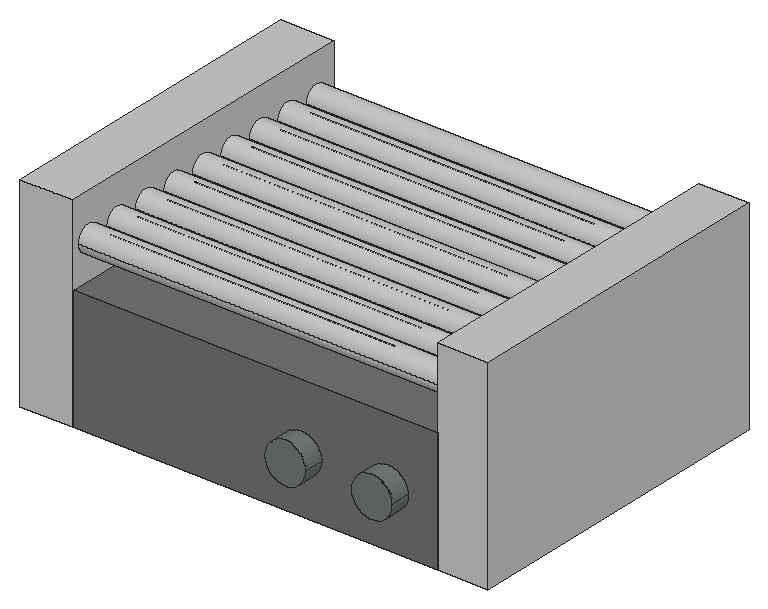
Revit family "QF_Vollrath_40822", category Specialty Equipment, Revit 2016
Family settings
  Part Type = Normal
  Round Connector Dimension = Use Diameter
  OmniClass Number = 23.40.40.14.17.21
  OmniClass Title = Grills
  Work Plane-Based = No
  Always vertical = Yes
  Cut with Voids When Loaded = No
  Shared = No
  Room Calculation Point = No
Parameters (values of type "HDR5009")
  Width = 15.80078"
  Weight in Pounds = 39
  Watts = 9500 W
  Watermarked By = "http://revitwatermark.com"
  Volts = 110 V
  URL Cutsheet = ""
  URL = "www.vollrathco.com"
  Status [instance] = ""
  Specification by User [instance] = ""
  Specification by Manufacturer = ""
  Serial Number [instance] = ""
  Seismic Rating [instance] = ""
  SMACNA No [instance] = ""
  Revision Code [instance] = ""
  Phase = 1
  Number of Poles [instance] = 1
  NAFEM Spec ID Number [instance] = ""
  Model = "HDR5009"
  Masterspec = ""
  Manufacturer = "Vollrath"
  Item Number [instance] = ""
  Installed By [instance] = ""
  Height AFF [instance] = 36.00"
  Furnished By [instance] = ""
  Foodservice Equipment Identifier [instance] = yes
  FL Amps = 12 A
  Electrical Remarks [instance] = ""
  Electric Connection Type [instance] = ""
  Elec Conn RI Height [instance] = 0.00"
  Elec Conn Connection Height = 2.00"
  Description = "9 Hot Dog Roller Grill"
  Cycle = 60 Hz
  Conn Plug = "NEMA 5-15P"
  CSI MasterFormat = "11 42 13"
  Assembly Code = "E1090320"
  Apparent Power = if(Phase = 3, Volts * FL Amps * 1.73, Volts * FL Amps)  # 1320 VA
Reference planes (in)
  plane 1: z = 0
  plane 2 "LEFT": x = 48
  plane 3 "BACK": y = -48
  plane 4 "BOTTOM": z = 36
  plane 5 "RIGHT": x = 71
  plane 6 "FRONT": y = -64
  plane 7: z = 26.5796
  plane 8 "TOP": z = 46
  plane 9: x = 50.59367
  plane 10: x = 68.54957
  plane 11: z = 42.0353
  plane 12: z = 28.25
Forms (in)
  Extrusion 1, solid, material "QF_Finishes_Stainless Steel", not visible
    sketch origin (0, -75.61667, 13.94238) x (-1, 0, 0) y (0, 0.422618, 0.906308)
      loop
        line (-61.50401, 16.83949) -> (-49.55058, 16.83949) -> (-49.55058, 21.54291) -> (-61.50401, 21.54291) -> (-61.50401, 16.83949)
      loop
        circle (-51.11798, 19.07879) r 1.25
      loop
        circle (-51.11798, 19.07879) r 1
      loop
        line (-54.03077, 21.06689) -> (-57.03077, 21.06689) -> (-57.03077, 20.31689) -> (-54.03077, 20.31689) -> (-54.03077, 21.06689)
      loop
        circle (-54.03077, 17.5068) r 0.25
      loop
        circle (-56.78077, 17.5068) r 0.25
    from 0 to 0.68909
  Extrusion 2, solid, material "QF_Finishes_Black", not visible
    sketch origin (0, -75.54289, 2.05167) x (-1, 0, 0) y (0, 0.422618, 0.906308)
      loop
        circle (-51.11798, 29.82425) r 1.25
      loop
        circle (-51.11798, 29.82425) r 1
    from -5.0921 to -4.40301
  Extrusion 3, solid, material "QF_Finishes_Black", not visible
    sketch origin (0, -75.78725, 14.03463) x (-1, 0, 0) y (0, 0.406737, 0.913545)
      loop
        line (-57.03077, 21.03676) -> (-57.03077, 20.35703) -> (-54.03077, 20.35703) -> (-54.03077, 21.03676) -> (-57.03077, 21.03676)
      loop
        circle (-54.03077, 17.5068) r 0.25
      loop
        circle (-56.78077, 17.5068) r 0.25
    from 0.54411 to 1.25
  Extrusion 4, solid, material "QF_Finishes_Dark Grey", not visible
    sketch origin (0, -70.09177, 5.66795) x (-1, 0, 0) y (0, 0.422618, 0.906308)
      loop
        circle (-52.11896, 26.29929) r 0.25
      loop
        circle (-53.36896, 26.29929) r 0.25
      loop
        circle (-54.61896, 26.29929) r 0.25
      loop
        circle (-55.86896, 26.29929) r 0.25
      loop
        circle (-57.11896, 26.29929) r 0.25
      loop
        circle (-58.36896, 26.29929) r 0.25
    from 7.45399 to 7.92109
  Extrusion 5, solid, material "QF_Finishes_Stainless Steel", not visible
    sketch origin (0, -61.5, 0) x (-1, 0, 0) y (0, 0, 1)
      loop
        circle (-49.14244, 32.63817) r 0.1236
    from 0 to 12
  Extrusion 6, solid, material "QF_Finishes_Stainless Steel", not visible
    sketch origin (24.25, -61.5, 0) x (-1, 0, 0) y (0, 0, 1)
      loop
        circle (-49.14244, 32.63817) r 0.1236
    from 0 to 12
  Extrusion 7, solid, material "QF_Finishes_Stainless Steel", not visible
    sketch origin (0.75781, -61.5, 0) x (-1, 0, 0) y (0, 0, 1)
      loop
        circle (-49.14244, 32.63817) r 0.1236
    from 0 to 12
  Extrusion 8, solid, material "QF_Finishes_Stainless Steel", not visible
    sketch origin (1.51562, -61.5, 0) x (-1, 0, 0) y (0, 0, 1)
      loop
        circle (-49.14244, 32.63817) r 0.1236
    from 0 to 12
  Extrusion 9, solid, material "QF_Finishes_Stainless Steel", not visible
    sketch origin (2.27344, -61.5, 0) x (-1, 0, 0) y (0, 0, 1)
      loop
        circle (-49.14244, 32.63817) r 0.1236
    from 0 to 12
  Extrusion 10, solid, material "QF_Finishes_Stainless Steel", not visible
    sketch origin (3.03125, -61.5, 0) x (-1, 0, 0) y (0, 0, 1)
      loop
        circle (-49.14244, 32.63817) r 0.1236
    from 0 to 12
  Extrusion 11, solid, material "QF_Finishes_Stainless Steel", not visible
    sketch origin (3.78906, -61.5, 0) x (-1, 0, 0) y (0, 0, 1)
      loop
        circle (-49.14244, 32.63817) r 0.1236
    from 0 to 12
  Extrusion 12, solid, material "QF_Finishes_Stainless Steel", not visible
    sketch origin (4.54687, -61.5, 0) x (-1, 0, 0) y (0, 0, 1)
      loop
        circle (-49.14244, 32.63817) r 0.1236
    from 0 to 12
  Extrusion 13, solid, material "QF_Finishes_Stainless Steel", not visible
    sketch origin (5.30469, -61.5, 0) x (-1, 0, 0) y (0, 0, 1)
      loop
        circle (-49.14244, 32.63817) r 0.1236
    from 0 to 12
  Extrusion 14, solid, material "QF_Finishes_Stainless Steel", not visible
    sketch origin (6.0625, -61.5, 0) x (-1, 0, 0) y (0, 0, 1)
      loop
        circle (-49.14244, 32.63817) r 0.1236
    from 0 to 12
  Extrusion 15, solid, material "QF_Finishes_Stainless Steel", not visible
    sketch origin (6.82031, -61.5, 0) x (-1, 0, 0) y (0, 0, 1)
      loop
        circle (-49.14244, 32.63817) r 0.1236
    from 0 to 12
  Extrusion 16, solid, material "QF_Finishes_Stainless Steel", not visible
    sketch origin (7.57812, -61.5, 0) x (-1, 0, 0) y (0, 0, 1)
      loop
        circle (-49.14244, 32.63817) r 0.1236
    from 0 to 12
  Extrusion 17, solid, material "QF_Finishes_Stainless Steel", not visible
    sketch origin (8.33594, -61.5, 0) x (-1, 0, 0) y (0, 0, 1)
      loop
        circle (-49.14244, 32.63817) r 0.1236
    from 0 to 12
  Extrusion 18, solid, material "QF_Finishes_Stainless Steel", not visible
    sketch origin (9.09375, -61.5, 0) x (-1, 0, 0) y (0, 0, 1)
      loop
        circle (-49.14244, 32.63817) r 0.1236
    from 0 to 12
  Extrusion 19, solid, material "QF_Finishes_Stainless Steel", not visible
    sketch origin (9.85156, -61.5, 0) x (-1, 0, 0) y (0, 0, 1)
      loop
        circle (-49.14244, 32.63817) r 0.1236
    from 0 to 12
  Extrusion 20, solid, material "QF_Finishes_Stainless Steel", not visible
    sketch origin (10.60937, -61.5, 0) x (-1, 0, 0) y (0, 0, 1)
      loop
        circle (-49.14244, 32.63817) r 0.1236
    from 0 to 12
  Extrusion 21, solid, material "QF_Finishes_Stainless Steel", not visible
    sketch origin (11.36719, -61.5, 0) x (-1, 0, 0) y (0, 0, 1)
      loop
        circle (-49.14244, 32.63817) r 0.1236
    from 0 to 12
  Extrusion 22, solid, material "QF_Finishes_Stainless Steel", not visible
    sketch origin (12.125, -61.5, 0) x (-1, 0, 0) y (0, 0, 1)
      loop
        circle (-49.14244, 32.63817) r 0.1236
    from 0 to 12
  Extrusion 23, solid, material "QF_Finishes_Stainless Steel", not visible
    sketch origin (12.88281, -61.5, 0) x (-1, 0, 0) y (0, 0, 1)
      loop
        circle (-49.14244, 32.63817) r 0.1236
    from 0 to 12
  Extrusion 24, solid, material "QF_Finishes_Stainless Steel", not visible
    sketch origin (13.64062, -61.5, 0) x (-1, 0, 0) y (0, 0, 1)
      loop
        circle (-49.14244, 32.63817) r 0.1236
    from 0 to 12
  Extrusion 25, solid, material "QF_Finishes_Stainless Steel", not visible
    sketch origin (14.39844, -61.5, 0) x (-1, 0, 0) y (0, 0, 1)
      loop
        circle (-49.14244, 32.63817) r 0.1236
    from 0 to 12
  Extrusion 26, solid, material "QF_Finishes_Stainless Steel", not visible
    sketch origin (15.15625, -61.5, 0) x (-1, 0, 0) y (0, 0, 1)
      loop
        circle (-49.14244, 32.63817) r 0.1236
    from 0 to 12
  Extrusion 27, solid, material "QF_Finishes_Stainless Steel", not visible
    sketch origin (15.91406, -61.5, 0) x (-1, 0, 0) y (0, 0, 1)
      loop
        circle (-49.14244, 32.63817) r 0.1236
    from 0 to 12
  Extrusion 28, solid, material "QF_Finishes_Stainless Steel", not visible
    sketch origin (16.67187, -61.5, 0) x (-1, 0, 0) y (0, 0, 1)
      loop
        circle (-49.14244, 32.63817) r 0.1236
    from 0 to 12
  Extrusion 29, solid, material "QF_Finishes_Stainless Steel", not visible
    sketch origin (17.42969, -61.5, 0) x (-1, 0, 0) y (0, 0, 1)
      loop
        circle (-49.14244, 32.63817) r 0.1236
    from 0 to 12
  Extrusion 30, solid, material "QF_Finishes_Stainless Steel", not visible
    sketch origin (18.1875, -61.5, 0) x (-1, 0, 0) y (0, 0, 1)
      loop
        circle (-49.14244, 32.63817) r 0.1236
    from 0 to 12
  Extrusion 31, solid, material "QF_Finishes_Stainless Steel", not visible
    sketch origin (18.94531, -61.5, 0) x (-1, 0, 0) y (0, 0, 1)
      loop
        circle (-49.14244, 32.63817) r 0.1236
    from 0 to 12
  Extrusion 32, solid, material "QF_Finishes_Stainless Steel", not visible
    sketch origin (19.70312, -61.5, 0) x (-1, 0, 0) y (0, 0, 1)
      loop
        circle (-49.14244, 32.63817) r 0.1236
    from 0 to 12
  Extrusion 33, solid, material "QF_Finishes_Stainless Steel", not visible
    sketch origin (20.46094, -61.5, 0) x (-1, 0, 0) y (0, 0, 1)
      loop
        circle (-49.14244, 32.63817) r 0.1236
    from 0 to 12
  Extrusion 34, solid, material "QF_Finishes_Stainless Steel", not visible
    sketch origin (21.21875, -61.5, 0) x (-1, 0, 0) y (0, 0, 1)
      loop
        circle (-49.14244, 32.63817) r 0.1236
    from 0 to 12
  Extrusion 35, solid, material "QF_Finishes_Stainless Steel", not visible
    sketch origin (21.97656, -61.5, 0) x (-1, 0, 0) y (0, 0, 1)
      loop
        circle (-49.14244, 32.63817) r 0.1236
    from 0 to 12
  Extrusion 36, solid, material "QF_Finishes_Stainless Steel", not visible
    sketch origin (22.73437, -61.5, 0) x (-1, 0, 0) y (0, 0, 1)
      loop
        circle (-49.14244, 32.63817) r 0.1236
    from 0 to 12
  Extrusion 37, solid, material "QF_Finishes_Stainless Steel", not visible
    sketch origin (23.49219, -61.5, 0) x (-1, 0, 0) y (0, 0, 1)
      loop
        circle (-49.14244, 32.63817) r 0.1236
    from 0 to 12
  Extrusion 38, void, not visible
    sketch origin (0, -48, 0) x (1, 0, 0) y (0, 0, 1)
      loop
        line (48.98039, 38.95479) -> (48.98039, 37.45479) -> (49.23039, 37.45479) -> (49.23039, 38.95479) -> (48.98039, 38.95479)
      loop
        line (49.48039, 38.95479) -> (49.48039, 37.45479) -> (49.73039, 37.45479) -> (49.73039, 38.95479) -> (49.48039, 38.95479)
      loop
        line (49.98039, 38.95479) -> (49.98039, 37.45479) -> (50.23039, 37.45479) -> (50.23039, 38.95479) -> (49.98039, 38.95479)
      loop
        line (50.48039, 38.95479) -> (50.48039, 37.45479) -> (50.73039, 37.45479) -> (50.73039, 38.95479) -> (50.48039, 38.95479)
      loop
        line (50.98039, 38.95479) -> (50.98039, 37.45479) -> (51.23039, 37.45479) -> (51.23039, 38.95479) -> (50.98039, 38.95479)
      loop
        line (51.48039, 38.95479) -> (51.48039, 37.45479) -> (51.73039, 37.45479) -> (51.73039, 38.95479) -> (51.48039, 38.95479)
      loop
        line (51.98039, 38.95479) -> (51.98039, 37.45479) -> (52.23039, 37.45479) -> (52.23039, 38.95479) -> (51.98039, 38.95479)
      loop
        line (52.48039, 38.95479) -> (52.48039, 37.45479) -> (52.73039, 37.45479) -> (52.73039, 38.95479) -> (52.48039, 38.95479)
      loop
        line (52.98039, 38.95479) -> (52.98039, 37.45479) -> (53.23039, 37.45479) -> (53.23039, 38.95479) -> (52.98039, 38.95479)
      loop
        line (53.48039, 38.95479) -> (53.48039, 37.45479) -> (53.73039, 37.45479) -> (53.73039, 38.95479) -> (53.48039, 38.95479)
      loop
        line (53.98039, 38.95479) -> (53.98039, 37.45479) -> (54.23039, 37.45479) -> (54.23039, 38.95479) -> (53.98039, 38.95479)
      loop
        line (54.48039, 38.95479) -> (54.48039, 37.45479) -> (54.73039, 37.45479) -> (54.73039, 38.95479) -> (54.48039, 38.95479)
      loop
        line (54.98039, 38.95479) -> (54.98039, 37.45479) -> (55.23039, 37.45479) -> (55.23039, 38.95479) -> (54.98039, 38.95479)
      loop
        line (55.48039, 38.95479) -> (55.48039, 37.45479) -> (55.73039, 37.45479) -> (55.73039, 38.95479) -> (55.48039, 38.95479)
      loop
        line (55.98039, 38.95479) -> (55.98039, 37.45479) -> (56.23039, 37.45479) -> (56.23039, 38.95479) -> (55.98039, 38.95479)
      loop
        line (65.98039, 38.95479) -> (65.98039, 37.45479) -> (66.23039, 37.45479) -> (66.23039, 38.95479) -> (65.98039, 38.95479)
      loop
        line (66.48039, 38.95479) -> (66.48039, 37.45479) -> (66.73039, 37.45479) -> (66.73039, 38.95479) -> (66.48039, 38.95479)
      loop
        line (66.98039, 38.95479) -> (66.98039, 37.45479) -> (67.23039, 37.45479) -> (67.23039, 38.95479) -> (66.98039, 38.95479)
      loop
        line (67.48039, 38.95479) -> (67.48039, 37.45479) -> (67.73039, 37.45479) -> (67.73039, 38.95479) -> (67.48039, 38.95479)
      loop
        line (67.98039, 38.95479) -> (67.98039, 37.45479) -> (68.23039, 37.45479) -> (68.23039, 38.95479) -> (67.98039, 38.95479)
      loop
        line (68.48039, 38.95479) -> (68.48039, 37.45479) -> (68.73039, 37.45479) -> (68.73039, 38.95479) -> (68.48039, 38.95479)
      loop
        line (68.98039, 38.95479) -> (68.98039, 37.45479) -> (69.23039, 37.45479) -> (69.23039, 38.95479) -> (68.98039, 38.95479)
      loop
        line (69.48039, 38.95479) -> (69.48039, 37.45479) -> (69.73039, 37.45479) -> (69.73039, 38.95479) -> (69.48039, 38.95479)
      loop
        line (69.98039, 38.95479) -> (69.98039, 37.45479) -> (70.23039, 37.45479) -> (70.23039, 38.95479) -> (69.98039, 38.95479)
      loop
        line (70.48039, 38.95479) -> (70.48039, 37.45479) -> (70.73039, 37.45479) -> (70.73039, 38.95479) -> (70.48039, 38.95479)
      loop
        line (70.98039, 38.95479) -> (70.98039, 37.45479) -> (71.23039, 37.45479) -> (71.23039, 38.95479) -> (70.98039, 38.95479)
      loop
        line (71.48039, 38.95479) -> (71.48039, 37.45479) -> (71.73039, 37.45479) -> (71.73039, 38.95479) -> (71.48039, 38.95479)
      loop
        line (71.98039, 38.95479) -> (71.98039, 37.45479) -> (72.23039, 37.45479) -> (72.23039, 38.95479) -> (71.98039, 38.95479)
      loop
        line (72.48039, 38.95479) -> (72.48039, 37.45479) -> (72.73039, 37.45479) -> (72.73039, 38.95479) -> (72.48039, 38.95479)
      loop
        line (72.98039, 38.95479) -> (72.98039, 37.45479) -> (73.23039, 37.45479) -> (73.23039, 38.95479) -> (72.98039, 38.95479)
    from 13.25 to 13.5
  Extrusion 39, solid, material "QF_Finishes_Stainless Steel"
    sketch origin (0, -48, 0) x (1, 0, 0) y (0, 0, 1)
      loop
        line (48, 46) -> (48, 36) -> (50.59367, 36) -> (50.59367, 46) -> (48, 46)
    from 0 to 16
  Extrusion 40, solid, material "QF_Finishes_Stainless Steel"
    sketch origin (20.40633, -48, 0) x (1, 0, 0) y (0, 0, 1)
      loop
        line (48.14323, 46) -> (48.14323, 36) -> (50.59367, 36) -> (50.59367, 46) -> (48.14323, 46)
    from 0 to 16
  Extrusion 41, solid, material "QF_Finishes_Dark Grey"
    sketch origin (0, -48, 0) x (1, 0, 0) y (0, 0, 1)
      loop
        line (50.59367, 42.0353) -> (50.59367, 36) -> (68.54957, 36) -> (68.54957, 42.0353) -> (50.59367, 42.0353)
    from 0 to 16
  Extrusion 42, solid, material "QF_Finishes_Stainless Steel"
    sketch origin (71, 4, 10) x (0, 1, 0) y (0, 0, 1)
      loop
        circle (-60.08911, 33.96491) r 0.625
    from -20.40633 to -2.45043
  Extrusion 43, solid, material "QF_Finishes_Black"
    sketch origin (0, -50.5, 0) x (1, 0, 0) y (0, 0, 1)
      loop
        circle (61.81249, 38.77869) r 1
      loop
        circle (66.06249, 38.77869) r 1
    from 13.5 to 14.46369
  Extrusion 44, solid, material "QF_Finishes_Stainless Steel"
    sketch origin (71, 11, 10) x (0, 1, 0) y (0, 0, 1)
      loop
        circle (-60.08911, 33.96491) r 0.625
    from -20.40633 to -2.45043
  Extrusion 45, solid, material "QF_Finishes_Stainless Steel"
    sketch origin (71, 5.75, 10) x (0, 1, 0) y (0, 0, 1)
      loop
        circle (-60.08911, 33.96491) r 0.625
    from -20.40633 to -2.45043
  Extrusion 46, solid, material "QF_Finishes_Stainless Steel"
    sketch origin (71, 7.5, 10) x (0, 1, 0) y (0, 0, 1)
      loop
        circle (-60.08911, 33.96491) r 0.625
    from -20.40633 to -2.45043
  Extrusion 47, solid, material "QF_Finishes_Stainless Steel"
    sketch origin (71, 9.25, 10) x (0, 1, 0) y (0, 0, 1)
      loop
        circle (-60.08911, 33.96491) r 0.625
    from -20.40633 to -2.45043
  Extrusion 48, solid, material "QF_Finishes_Stainless Steel"
    sketch origin (71, 2.25, 10) x (0, 1, 0) y (0, 0, 1)
      loop
        circle (-60.08911, 33.96491) r 0.625
    from -20.40633 to -2.45043
  Extrusion 49, solid, material "QF_Finishes_Stainless Steel"
    sketch origin (71, 0.5, 10) x (0, 1, 0) y (0, 0, 1)
      loop
        circle (-60.08911, 33.96491) r 0.625
    from -20.40633 to -2.45043
  Extrusion 50, solid, material "QF_Finishes_Stainless Steel"
    sketch origin (71, -1.25, 10) x (0, 1, 0) y (0, 0, 1)
      loop
        circle (-60.08911, 33.96491) r 0.625
    from -20.40633 to -2.45043
  Extrusion 51, solid, material "QF_Finishes_Stainless Steel"
    sketch origin (71, -3, 10) x (0, 1, 0) y (0, 0, 1)
      loop
        circle (-60.08911, 33.96491) r 0.625
    from -20.40633 to -2.45043
  Extrusion 52, solid, material "QF_Finishes_Stainless Steel"
    sketch origin (0, -48, 0) x (1, 0, 0) y (0, 0, 1)
      loop
        circle (68.54957, 38.25) r 0.5
    from 0 to -0.44748
Lines and regions (in)
  symbolic lines
    curve 1: line (48, -48, 0) -> (48, -64, 0)
    curve 2: line (50.59367, -48, 0) -> (48, -48, 0)
    curve 3: line (68.54957, -48, 0) -> (50.59367, -48, 0)
    curve 4: line (71, -48, 0) -> (68.54957, -48, 0)
    curve 5: line (71, -64, 0) -> (71, -48, 0)
    curve 6: line (68.54957, -48, 0) -> (68.54957, -64, 0)
    curve 7: line (68.54957, -64, 0) -> (71, -64, 0)
    curve 8: line (50.59367, -64, 0) -> (68.54957, -64, 0)
    curve 9: line (50.59367, -64, 0) -> (50.59367, -48, 0)
    curve 10: line (48, -64, 0) -> (50.59367, -64, 0)
    curve 11: line (50.59367, -55.96411, 0) -> (68.54957, -55.96411, 0)
    curve 12: line (50.59367, -56.46411, 0) -> (68.54957, -56.46411, 0)
    curve 13: line (50.59367, -57.61541, 0) -> (68.54957, -57.61541, 0)
    curve 14: line (50.59367, -58.21411, 0) -> (68.54957, -58.21411, 0)
    curve 15: line (50.59367, -59.46411, 0) -> (68.54957, -59.46411, 0)
    curve 16: line (50.59367, -59.96411, 0) -> (68.54957, -59.96411, 0)
    curve 17: line (50.59367, -61.13125, 0) -> (68.54957, -61.13125, 0)
    curve 18: line (50.59367, -61.71411, 0) -> (68.54957, -61.71411, 0)
    curve 19: line (50.59367, -62.96411, 0) -> (68.54957, -62.96411, 0)
    curve 20: line (50.59367, -54.46411, 0) -> (68.54957, -54.46411, 0)
    curve 21: line (50.59367, -54.96411, 0) -> (68.54957, -54.96411, 0)
    curve 22: line (50.59367, -53.71411, 0) -> (68.54957, -53.71411, 0)
    curve 23: line (50.59367, -53.21411, 0) -> (68.54957, -53.21411, 0)
    curve 24: line (50.59367, -51.96411, 0) -> (68.54957, -51.96411, 0)
    curve 25: line (50.59367, -51.46411, 0) -> (68.54957, -51.46411, 0)
    curve 26: line (50.59367, -50.21411, 0) -> (68.54957, -50.21411, 0)
    curve 27: line (50.59367, -49.71411, 0) -> (68.54957, -49.71411, 0)
    curve 28: line (50.65909, -48.46582, 0) -> (68.61499, -48.46582, 0)
Dimensions and locks (in)
  "Height AFF": plane 4 "BOTTOM" to level
  plane 6 "FRONT" to plane 3 "BACK" = 16.00"
  plane 2 "LEFT" to plane 5 "RIGHT" = 23.00"
  plane 8 "TOP" to plane 4 "BOTTOM" = 10.00"
  locked: plane 11 to plane 4 "BOTTOM" at 6.0353
  locked: Extrusion 42 to plane 4 "BOTTOM" at 7.96491
  equal spacing: group 5, group 7, group 8, group 9, group 6  (x3)
  locked: Extrusion 45 to plane 4 "BOTTOM" at 7.96491
  locked: Extrusion 46 to plane 4 "BOTTOM" at 7.96491
  locked: Extrusion 48 to plane 4 "BOTTOM" at 7.96491
  Extrusion 49 to plane 4 "BOTTOM" = 7.96491"
  locked: Extrusion 49 to plane 4 "BOTTOM" at 7.96491
  locked: Extrusion 50 to plane 4 "BOTTOM" at 7.96491
  locked: Extrusion 51 to plane 4 "BOTTOM" at 7.96491
  plane 4 "BOTTOM" to Extrusion 52 sketch curve = 2.25"
  aligned and locked: level to plane 1
  aligned and locked: Extrusion 2 sketch curve to Extrusion 1  (x4)
  aligned and locked: Extrusion 39 sketch curve to plane 8 "TOP"
  aligned and locked: plane 2 "LEFT" to Extrusion 39 sketch curve
  aligned and locked: plane 4 "BOTTOM" to Extrusion 39 sketch curve
  aligned and locked: plane 9 to Extrusion 39 sketch curve
  aligned and locked: Extrusion 40 to plane 10
  aligned and locked: plane 8 "TOP" to Extrusion 40
  aligned and locked: plane 5 "RIGHT" to Extrusion 40
  aligned and locked: Extrusion 40 to plane 4 "BOTTOM"
  aligned and locked: Extrusion 41 sketch curve to plane 9
  aligned and locked: Extrusion 41 sketch curve to Extrusion 40
  aligned and locked: Extrusion 40 to Extrusion 41 sketch curve
  aligned and locked: plane 9 to Extrusion 42
  aligned and locked: plane 10 to Extrusion 42
Automatic sketch dimensions
  Extrusion 1 sketch curve to Extrusion 1 sketch curve = 0.00"  (x5)
  Extrusion 1 sketch curve to Extrusion 1 sketch curve = 4.47324"
  Extrusion 1 sketch curve to Extrusion 1 sketch curve = 0.25"
  Extrusion 1 sketch curve to Extrusion 1 sketch curve = 3.00"
  Extrusion 1 sketch curve to Extrusion 1 sketch curve = 2.75"
  Extrusion 1 sketch curve to Extrusion 1 sketch curve = 1.56739"
  Extrusion 1 sketch curve to Extrusion 1 sketch curve = 0.66732"
  Extrusion 1 sketch curve to Extrusion 1 sketch curve = 2.2393"
  Extrusion 1 sketch curve to Extrusion 1 sketch curve = 2.81008"
  Extrusion 1 sketch curve to Extrusion 1 sketch curve = 0.75"
  Extrusion 3 sketch curve to Extrusion 3 sketch curve = 3.00"
  Extrusion 1 sketch curve to Extrusion 1 sketch curve = 2.46412"
  Extrusion 3 sketch curve to Extrusion 3 sketch curve = 0.00"  (x6)
  Extrusion 3 sketch curve to Extrusion 3 sketch curve = 0.25"  (x2)
  Extrusion 3 sketch curve to Extrusion 3 sketch curve = 2.25"
  Extrusion 3 sketch curve to Extrusion 3 sketch curve = 2.85023"
  Extrusion 3 sketch curve to Extrusion 3 sketch curve = 0.67973"
  Extrusion 1 sketch curve to Extrusion 1 sketch curve = 2.9128"
  Extrusion 4 sketch curve to Extrusion 4 sketch curve = 1.25"  (x5)
  Extrusion 4 sketch curve to Extrusion 4 sketch curve = 0.00"  (x5)
  Extrusion 38 sketch curve to Extrusion 38 sketch curve = 0.25"  (x58)
  Extrusion 38 sketch curve to Extrusion 38 sketch curve = 0.00"  (x57)
  Extrusion 38 sketch curve to Extrusion 38 sketch curve = 9.75"
  Extrusion 38 sketch curve to Extrusion 38 sketch curve = 1.50"  (x2)
  curve 1 to plane 2 "LEFT" = 0.00"
  curve 25 to plane 9 = 0.00"
  curve 14 to plane 10 = 0.00"
  curve 5 to plane 5 "RIGHT" = 0.00"
  curve 7 to plane 6 "FRONT" = 0.00"
  plane 3 "BACK" to curve 9 = 0.00"
  curve 28 to plane 9 = 0.06542"
  plane 10 to curve 28 = 0.06542"
  curve 8 to curve 19 = 1.03589"
  curve 19 to curve 18 = 1.25"
  curve 18 to curve 17 = 0.58285"
  curve 17 to curve 16 = 1.16715"
  curve 16 to curve 15 = 0.50"
  curve 15 to curve 14 = 1.25"
  curve 14 to curve 13 = 0.59869"
  curve 13 to curve 12 = 1.15131"
  curve 12 to curve 11 = 0.50"
  curve 11 to curve 21 = 1.00"
  curve 21 to curve 20 = 0.50"
  curve 20 to curve 22 = 0.75"
  curve 22 to curve 23 = 0.50"
  curve 23 to curve 24 = 1.25"
  curve 24 to curve 25 = 0.50"
  curve 25 to curve 26 = 1.25"
  curve 26 to curve 27 = 0.50"
  Extrusion 40 sketch curve to plane 4 "BOTTOM" = 0.00"
  Extrusion 40 sketch curve to plane 10 = 0.00"
  Extrusion 40 sketch curve to plane 5 "RIGHT" = 0.00"
  Extrusion 40 sketch curve to plane 8 "TOP" = 0.00"
  Extrusion 41 sketch curve to plane 11 = 0.00"
  plane 4 "BOTTOM" to Extrusion 43 sketch curve = 2.77869"  (x2)
  Extrusion 43 sketch curve to plane 10 = 6.73708"
  Extrusion 43 sketch curve to plane 10 = 2.48708"
  Extrusion 52 sketch curve to plane 10 = 0.00"
  plane 3 "BACK" to curve 28 = 0.46582"
  radius of Extrusion 1 sketch curve = 1.25"
  radius of Extrusion 1 sketch curve = 1.00"
  radius of Extrusion 1 sketch curve = 0.25"  (x2)
  radius of Extrusion 4 sketch curve = 0.25"  (x6)
  radius of Extrusion 5 sketch curve = 0.1236"
  radius of Extrusion 6 sketch curve = 0.1236"
  radius of Extrusion 7 sketch curve = 0.1236"
  radius of Extrusion 8 sketch curve = 0.1236"
  radius of Extrusion 9 sketch curve = 0.1236"
  radius of Extrusion 10 sketch curve = 0.1236"
  radius of Extrusion 11 sketch curve = 0.1236"
  radius of Extrusion 12 sketch curve = 0.1236"
  radius of Extrusion 13 sketch curve = 0.1236"
  radius of Extrusion 14 sketch curve = 0.1236"
  radius of Extrusion 15 sketch curve = 0.1236"
  radius of Extrusion 16 sketch curve = 0.1236"
  radius of Extrusion 17 sketch curve = 0.1236"
  radius of Extrusion 18 sketch curve = 0.1236"
  radius of Extrusion 19 sketch curve = 0.1236"
  radius of Extrusion 20 sketch curve = 0.1236"
  radius of Extrusion 21 sketch curve = 0.1236"
  radius of Extrusion 22 sketch curve = 0.1236"
  radius of Extrusion 23 sketch curve = 0.1236"
  radius of Extrusion 24 sketch curve = 0.1236"
  radius of Extrusion 25 sketch curve = 0.1236"
  radius of Extrusion 26 sketch curve = 0.1236"
  radius of Extrusion 27 sketch curve = 0.1236"
  radius of Extrusion 28 sketch curve = 0.1236"
  radius of Extrusion 29 sketch curve = 0.1236"
  radius of Extrusion 30 sketch curve = 0.1236"
  radius of Extrusion 31 sketch curve = 0.1236"
  radius of Extrusion 32 sketch curve = 0.1236"
  radius of Extrusion 33 sketch curve = 0.1236"
  radius of Extrusion 34 sketch curve = 0.1236"
  radius of Extrusion 35 sketch curve = 0.1236"
  radius of Extrusion 36 sketch curve = 0.1236"
  radius of Extrusion 37 sketch curve = 0.1236"
  radius of Extrusion 42 sketch curve = 0.625"
  radius of Extrusion 44 sketch curve = 0.625"
  radius of Extrusion 45 sketch curve = 0.625"
  radius of Extrusion 46 sketch curve = 0.625"
  radius of Extrusion 47 sketch curve = 0.625"
  radius of Extrusion 48 sketch curve = 0.625"
  radius of Extrusion 49 sketch curve = 0.625"
  radius of Extrusion 50 sketch curve = 0.625"
  radius of Extrusion 51 sketch curve = 0.625"
  radius of Extrusion 43 sketch curve = 1.00"  (x2)
  radius of Extrusion 52 sketch curve = 0.50"
Connectors (in)
  electrical at (68.54957, -47.55252, 38.25), driven by "Number of Poles", driven by "Volts", driven by "Apparent Power"
    settings: on Extrusion 52, index 1, voltage 110 V, apparent load 1320 VA, apparent load phase1 0 VA, apparent load phase2 0 VA, apparent load phase3 0 VA, power factor 1, load classification "Other", number of poles 1, system type 30, power factor state 1, is connector primary yes, connector utility no, sub classification motor no, connector description "Electric Connection"
